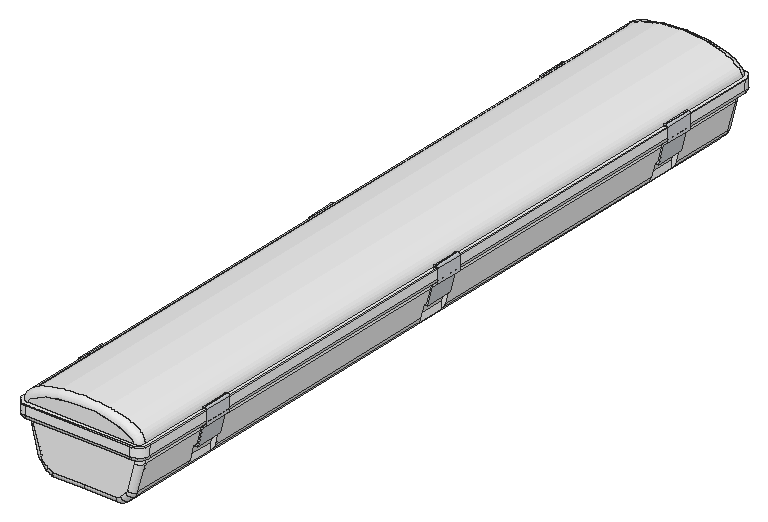
Revit family "0067944 Sylvania Lighting Fixture START Waterproof Twin 600 IP65 DALI 2500lm 840", category Lighting Fixtures, host Face, Revit 2016
Family settings
  Host = Face
  Part Type = Normal
  Round Connector Dimension = Use Diameter
  OmniClass Number = 23.80.70.11.14
  OmniClass Title = General Luminaries, Directional
  Cut with Voids When Loaded = No
  Light Source = Yes
  Shared = No
  Room Calculation Point = No
Parameters (values of type "0067944 ST WTRPRF T 600 IP65 DALI 2500LM 840")
  Width = 110 mm
  Weight = "1.18 kg"
  Wattage Comments = "n/a"
  Wattage = 20 W
  WarrantyStartDate [instance] = "n/a"
  WarrantyGuarantorParts = "n/a"
  WarrantyDurationUnit = "n/a"
  WarrantyDurationParts = "n/a"
  WarrantyDescription = "n/a"
  built-in parameter 1150110 = 1 (stored number, unit not read)
  Voltage = 0 V
  URL = "http://www.sylvania-lighting.com"
  TypeName = "START Waterproof Twin 600 IP65 DALI 2500lm 840"
  Type Image = <None>
  Type Comments = "n/a"
  built-in parameter 1114217 = 1 (stored number, unit not read)
  Tilt Angle = -90.00°
  built-in parameter 1150109 = 1 (stored number, unit not read)
  built-in parameter 1150134 = 12
  built-in parameter 1150113 = 1 (stored number, unit not read)
  SerialNumber [instance] = "n/a"
  ReflectorMaterial = none
  PowerFactor = 0
  PowerConsumption = "20 W"
  Photometric Web File = "0067944.ies"
  NominalWidth = 0 mm
  NominalLength = 665 mm
  NominalHeight = 78 mm
  Name = "START Waterproof Twin 600 IP65 DALI 2500lm 840"
  ModelReference = "START Waterproof Twin 600 IP65 DALI 2500lm 840"
  ModelNumber = "0067944"
  Model = "START Waterproof Twin 600 IP65 DALI 2500lm 840"
  Material = "polycarbonate housing, polycarbonate diffuser"
  ManufacturerName = "Feilo Sylvania"
  Manufacturer = "Feilo Sylvania"
  LuminousEfficacy = "122 lm/W"
  built-in parameter 1150105 = 194.17 (stored number, unit not read)
  Lumens = 2440 lm
  LuminaireType = ""
  built-in parameter 1150115 = 1 (stored number, unit not read)
  LightOutputRatio = "n/a"
  built-in parameter 1150137 = (empty or 0)
  built-in parameter 1150139 = (empty or 0)
  Length = 665 mm
  LampsType = Lamp  # "LED"
  LampNominalLuminous = "2450 lm"
  LampMacAdamStep = "n/a"
  LampColourTemperature = "4000 K"
  LampColourRenderingIndex = "80"
  built-in parameter 1150112 = 1 (stored number, unit not read)
  built-in parameter 1150114 = 1 (stored number, unit not read)
  Lamp = "LED"
  Keynote = "16500"
  InstallationDate [instance] = "n/a"
  InputVoltage = "n/a"
  InputNominalFrequency = "n/a"
  built-in parameter 1150132 = (empty or 0)
  built-in parameter 1150102 = (empty or 0)
  built-in parameter 1150107 = 4000 (stored number, unit not read)
  built-in parameter 1150138 = (empty or 0)
  IngressProtection = "IP65"
  ImpactProtectionIndex = "IK08"
  built-in parameter 1150106 = 1.9417 (stored number, unit not read)
  IfcExportType = "IfcLightFixtureType"
  IfcExportAs = "IfcLightFixtureType"
  ExpectedLife = 50000
  Emit from Rectangle Width = Width - 20 mm  # 90 mm
  Emit from Rectangle Length = Length - 20 mm  # 645 mm
  Emit Shape Visible in Rendering = no
  ElectricShockClassification = "Class I"
  built-in parameter 1150104 = 11.334 (stored number, unit not read)
  DurationUnit = "hours"
  DocumentationLiterature = "http://www.sylvania-lighting.com/product/en-int/products/0067944"
  DimmingControlOptions = "n/a"
  Dimming Lamp Color Temperature Shift = <None>
  DiffuserMaterial = Diffuser-Sylvania-Transparent
  Description = ""
  Default Elevation = 1219.2 mm
  CreatedOn = "11/27/2018"
  CreatedBy = "@sylvania-lighting.com"
  Cost = 0
  Color Filter = 16777215
  built-in parameter 1114216 [instance] = (empty or 0)
  ClassificationValue = "EF_70_80"
  ClassificationName = "Uniclass2015"
  BracketOffset_FEILO = 360 mm
  BodyMaterial = Body-Sylvania-Gray
  BarCode [instance] = "n/a"
  built-in parameter 1114218 = 1 (stored number, unit not read)
  built-in parameter 1150133 = 10 (stored number, unit not read)
  AssetType = "Fixed"
  AssetIdentifier [instance] = "n/a"
  Assembly Code = "D5020200"
  Apparent Load = 20 VA
  AccessoryMaterial = Diffuser-Sylvania-Glow
Reference planes
  plane 1 "Center (Front/Back)": y = 0
  plane 2: z = 0
  plane 3 "Center (Left/Right)": x = 0
  plane 4: z = 54
  plane 5: x = -27.7
  plane 6: x = -34.8
  plane 7: x = -39.6
  plane 8: x = -42.2
  plane 9: z = 3
  plane 10: z = 7.8
  plane 11: z = 12.3
  plane 12: z = 36.6
  plane 13: z = 42.8
  plane 14: x = -51.1
  plane 15: z = 46.2
  plane 16: x = -55
  plane 17: y = 332.5
  plane 18: y = -332.5
  plane 19: x = 27.7
  plane 20: x = 34.8
  plane 21: x = 39.6
  plane 22: x = 42.2
  plane 23: x = 51.1
  plane 24: x = 55
  plane 25: y = 324.9
  plane 26: y = -324.9
  plane 27: y = -321.2
  plane 28: y = 321.2
  plane 29: z = 74
  plane 30: x = -51.5
  plane 31: x = 51.5
  plane 32: z = 55.2
  plane 33: y = -329
  plane 34: y = 329
  plane 35: x = -37.5
  plane 36: x = 37.5
  plane 37: x = -48.7
  plane 38: x = 48.7
  plane 39: x = 18
  plane 40: x = -18
  plane 41: z = 50.2
  plane 42: z = 24.6
  plane 43: y = 720
  plane 44: y = 706
  plane 45: y = 734
  plane 46: y = 250
  plane 47: y = 236
  plane 48: y = 264
  plane 49: y = 0
  plane 50: y = -14
  plane 51: y = 14
  plane 52: y = -250
  plane 53: y = -264
  plane 54: y = -236
Forms (mm)
  Sweep 1, solid, material "Body-Sylvania-Gray" <- "BodyMaterial", detail levels medium+fine
    path origin (1223.4, -4572, 54) x (0, -1, 0) y (1, 0, 0)
      loop
        arc (-4249.5, -1278.4) -> (-4242.429, -1275.471) -> (-4239.5, -1268.4) r 10
        line (-4239.5, -1268.4) -> (-4239.5, -1178.4)
        arc (-4239.5, -1178.4) -> (-4242.429, -1171.329) -> (-4249.5, -1168.4) r 10
        line (-4249.5, -1168.4) -> (-4894.5, -1168.4)
        arc (-4894.5, -1168.4) -> (-4901.571, -1171.329) -> (-4904.5, -1178.4) r 10
        line (-4904.5, -1178.4) -> (-4904.5, -1268.4)
        arc (-4904.5, -1268.4) -> (-4901.571, -1275.471) -> (-4894.5, -1278.4) r 10
        line (-4894.5, -1278.4) -> (-4249.5, -1278.4)
    profile origin (-55, 0, 54) x (-1, 0, 0) y (0, 0, 1)
      loop
        line (0, 0) -> (-1, 0) -> (-1, -7.726)
        arc (-1, -7.726) -> (-1.994, -9.498) -> (-3.9, -10.2) r 2.937
        line (-3.9, -10.2) -> (-8.571, -10.2) -> (-8.571, -11.2) -> (-3.9, -11.2)
        arc (-3.9, -11.2) -> (-1.313, -10.231) -> (0, -7.8) r 3.937
        line (0, -7.8) -> (0, 0)
  Sweep 2, solid, material "Body-Sylvania-Gray" <- "BodyMaterial", detail levels medium+fine
    path origin (0, 0, 0) x (1, 0, 0) y (0, 0, 1)
      loop
        line (48.7, 42.8) -> (48.7, 36.6) -> (42.203, 12.31)
        arc (42.203, 12.31) -> (41.199, 9.884) -> (39.6, 7.8) r 10.052
        line (39.6, 7.8) -> (34.8, 3)
        arc (34.8, 3) -> (31.554, 0.781) -> (27.7, 0) r 9.902
        line (27.7, 0) -> (0, 0) -> (-27.7, 0)
        arc (-27.7, 0) -> (-31.554, 0.781) -> (-34.8, 3) r 9.902
        line (-34.8, 3) -> (-39.6, 7.8)
        arc (-39.6, 7.8) -> (-41.199, 9.884) -> (-42.203, 12.31) r 10.052
        line (-42.203, 12.31) -> (-48.7, 36.6) -> (-48.7, 42.8)
    profile origin (0, 0, 0) x (0, 0, -1) y (0, -1, 0)
      loop
        arc (0, 319.9) -> (-1.464, 323.436) -> (-5, 324.9) r 5
        line (-5, 324.9) -> (-7.8, 324.9) -> (-7.8, -324.9) -> (-5, -324.9)
        arc (-5, -324.9) -> (-1.464, -323.436) -> (0, -319.9) r 5
        line (0, -319.9) -> (0, 319.9)
  Extrusion 3, solid, material "Body-Sylvania-Gray" <- "BodyMaterial", detail levels medium+fine
    sketch origin (1524, 324.9, 1219.2) x (1, 0, 0) y (0, 0, 1)
      loop
        arc (-1558.668, -1204.874) -> (-1558.443, -1205.418) -> (-1558.085, -1205.885) r 2.252
        line (-1558.085, -1205.885) -> (-1553.231, -1210.738)
        arc (-1553.231, -1210.738) -> (-1552.534, -1211.227) -> (-1551.7, -1211.4) r 2.102
        line (-1551.7, -1211.4) -> (-1496.3, -1211.4)
        arc (-1496.3, -1211.4) -> (-1495.466, -1211.227) -> (-1494.769, -1210.738) r 2.102
        line (-1494.769, -1210.738) -> (-1489.915, -1205.885)
        arc (-1489.915, -1205.885) -> (-1489.557, -1205.418) -> (-1489.332, -1204.874) r 2.252
        line (-1489.332, -1204.874) -> (-1483.1, -1181.575) -> (-1483.1, -1176.4) -> (-1564.9, -1176.4) -> (-1564.9, -1181.575) -> (-1558.668, -1204.874)
    from 0 to 649.8
  Sweep 4, solid, material "Diffuser-Sylvania-Transparent" <- "DiffuserMaterial", detail levels medium+fine
    path origin (0, 0, 0) x (1, 0, 0) y (0, 0, 1)
      loop
        spline (-51.5, 55.2) -> (-49.745, 60.066) -> (-44.6, 64.6) -> (-36.416, 68.494) -> (-25.75, 71.481) -> (-13.329, 73.359) -> (0, 74) -> (13.329, 73.359) -> (25.75, 71.481) -> (36.416, 68.494) -> (44.6, 64.6) -> (49.745, 60.066) -> (51.5, 55.2)
    profile origin (51.5, 0, 55.2) x (0, -1, 0) y (1, 0, 0)
      loop
        arc (329, -5.5) -> (327.389, -1.611) -> (323.5, 0) r 5.5
        line (323.5, 0) -> (-323.5, 0)
        arc (-323.5, 0) -> (-327.389, -1.611) -> (-329, -5.5) r 5.5
        line (-329, -5.5) -> (-329, -6.3) -> (-328, -6.3) -> (-328, -5.5)
        arc (-328, -5.5) -> (-326.682, -2.318) -> (-323.5, -1) r 4.5
        line (-323.5, -1) -> (323.5, -1)
        arc (323.5, -1) -> (326.682, -2.318) -> (328, -5.5) r 4.5
        line (328, -5.5) -> (328, -6.347) -> (329, -6.347) -> (329, -5.5)
  Extrusion 5, solid, material "Diffuser-Sylvania-Transparent" <- "DiffuserMaterial", detail levels medium+fine
    sketch origin (1524, -329, 1219.2) x (1, 0, 0) y (0, 0, 1)
      loop
        line (-1569.653, -1164) -> (-1478.347, -1164)
        spline (-1478.347, -1164) -> (-1478.969, -1162.594) -> (-1482.527, -1159.545) -> (-1489.588, -1156.201) -> (-1499.458, -1153.445) -> (-1511.242, -1151.663) -> (-1524, -1151.049) -> (-1536.758, -1151.663) -> (-1548.542, -1153.445) -> (-1558.412, -1156.201) -> (-1565.473, -1159.545) -> (-1569.031, -1162.594) -> (-1569.653, -1164)
    from 0 to -1
  Extrusion 6, solid, material "Diffuser-Sylvania-Transparent" <- "DiffuserMaterial", detail levels medium+fine
    sketch origin (1524, 329, 1219.2) x (1, 0, 0) y (0, 0, 1)
      loop
        spline (-1478.3, -1164) -> (-1478.931, -1162.565) -> (-1482.502, -1159.505) -> (-1489.572, -1156.155) -> (-1499.446, -1153.394) -> (-1511.236, -1151.614) -> (-1524, -1151.007) -> (-1536.764, -1151.614) -> (-1548.554, -1153.394) -> (-1558.428, -1156.155) -> (-1565.498, -1159.505) -> (-1569.069, -1162.565) -> (-1569.7, -1164)
        line (-1569.7, -1164) -> (-1478.3, -1164)
    from 0 to 1
  Extrusion 7, solid, material "Diffuser-Sylvania-Transparent" <- "DiffuserMaterial", detail levels medium+fine
    sketch origin (1223.4, -4572, 55.2) x (0, -1, 0) y (-1, 0, 0)
      loop
        arc (-4900, 1177.4) -> (-4898.682, 1174.218) -> (-4895.5, 1172.9) r 4.5
        line (-4895.5, 1172.9) -> (-4248.5, 1172.9)
        arc (-4248.5, 1172.9) -> (-4245.318, 1174.218) -> (-4244, 1177.4) r 4.5
        line (-4244, 1177.4) -> (-4244, 1269.4)
        arc (-4244, 1269.4) -> (-4245.318, 1272.582) -> (-4248.5, 1273.9) r 4.5
        line (-4248.5, 1273.9) -> (-4895.5, 1273.9)
        arc (-4895.5, 1273.9) -> (-4898.682, 1272.582) -> (-4900, 1269.4) r 4.5
        line (-4900, 1269.4) -> (-4900, 1177.4)
      loop
        line (-4904.5, 1268.4) -> (-4904.5, 1178.4)
        arc (-4904.5, 1178.4) -> (-4901.571, 1171.329) -> (-4894.5, 1168.4) r 10
        line (-4894.5, 1168.4) -> (-4249.5, 1168.4)
        arc (-4249.5, 1168.4) -> (-4242.429, 1171.329) -> (-4239.5, 1178.4) r 10
        line (-4239.5, 1178.4) -> (-4239.5, 1268.4)
        arc (-4239.5, 1268.4) -> (-4242.429, 1275.471) -> (-4249.5, 1278.4) r 10
        line (-4249.5, 1278.4) -> (-4894.5, 1278.4)
        arc (-4894.5, 1278.4) -> (-4901.571, 1275.471) -> (-4904.5, 1268.4) r 10
    from 0 to 1.2
  Extrusion 8, solid, material "Diffuser-Sylvania-Glow" <- "AccessoryMaterial", detail levels fine
    sketch origin (0, 0, 0) x (1, 0, 0) y (0, 0, 1)
      loop
        circle (-18, 50.2) r 8
      loop
        circle (18, 50.2) r 8
    from -321.2 to 321.2
  Extrusion 9, solid, material "Body-Sylvania-Gray" <- "BodyMaterial", detail levels coarse
    sketch origin (0, 0, 0) x (1, 0, 0) y (0, 0, 1)
      loop
        line (55, 42.8) -> (55, 55.2) -> (-55, 55.2) -> (-55, 42.791) -> (-42.2, 0) -> (42.2, 0) -> (55, 42.8)
    from -332.5 to 332.5
  Extrusion 10, solid, material "Diffuser-Sylvania-Transparent" <- "DiffuserMaterial", detail levels coarse
    sketch origin (0, 0, 0) x (1, 0, 0) y (0, 0, 1)
      loop
        arc (51.5, 55.2) -> (0, 74) -> (-51.5, 55.2) r 79.939
        line (-51.5, 55.2) -> (51.5, 55.2)
    from 324.9 to -324.9
  Extrusion 11, void, not visible
    sketch origin (0, 720, 2343.807) x (0, 0, -1) y (-1, 0, 0)
      loop
        line (2340.807, -37.5) -> (2331.507, -37.5) -> (2319.207, -42.2) -> (2319.207, -48.7) -> (2340.807, -48.7) -> (2340.807, -37.5)
      loop
        line (2340.807, 37.5) -> (2340.807, 48.7) -> (2319.207, 48.7) -> (2319.207, 42.2) -> (2331.507, 37.5) -> (2340.807, 37.5)
    from -14 to 14
  Extrusion 12, void
    sketch origin (0, 250, 2343.807) x (0, 0, -1) y (-1, 0, 0)
      loop
        line (2340.807, -37.5) -> (2331.507, -37.5) -> (2319.207, -42.2) -> (2319.207, -48.7) -> (2340.807, -48.7) -> (2340.807, -37.5)
      loop
        line (2340.807, 37.5) -> (2340.807, 48.7) -> (2319.207, 48.7) -> (2319.207, 42.2) -> (2331.507, 37.5) -> (2340.807, 37.5)
    from -14 to 14
  Extrusion 13, void
    sketch origin (0, 0, 2343.807) x (0, 0, -1) y (-1, 0, 0)
      loop
        line (2340.807, -37.5) -> (2331.507, -37.5) -> (2319.207, -42.2) -> (2319.207, -48.7) -> (2340.807, -48.7) -> (2340.807, -37.5)
      loop
        line (2340.807, 37.5) -> (2340.807, 48.7) -> (2319.207, 48.7) -> (2319.207, 42.2) -> (2331.507, 37.5) -> (2340.807, 37.5)
    from -14 to 14
  Extrusion 14, void
    sketch origin (0, -250, 2343.807) x (0, 0, -1) y (-1, 0, 0)
      loop
        line (2340.807, -37.5) -> (2331.507, -37.5) -> (2319.207, -42.2) -> (2319.207, -48.7) -> (2340.807, -48.7) -> (2340.807, -37.5)
      loop
        line (2340.807, 37.5) -> (2340.807, 48.7) -> (2319.207, 48.7) -> (2319.207, 42.2) -> (2331.507, 37.5) -> (2340.807, 37.5)
    from -14 to 14
Cuts and joins
  Extrusion 12, Extrusion 13, Extrusion 14 cuts Sweep 2
  Extrusion 12, Extrusion 13, Extrusion 14 cuts Extrusion 3
  joined: Sweep 2, Extrusion 3
  joined: Sweep 4, Extrusion 5, Extrusion 6
Dimensions and locks
  locked: plane 4 to plane 2 at 54
  plane 5 to plane 6 to plane 7 to plane 8 to plane 14 to plane 16 = 7.1 mm locked, 4.8 mm locked, 2.6 mm locked, 8.9 mm, 3.9 mm
  plane 4 to plane 15 to plane 13 to plane 12 to plane 11 to plane 10 to plane 9 = 7.8 mm locked, 3.4 mm, 6.2 mm locked, 24.3 mm locked, 4.5 mm locked, 4.8 mm locked
  equal spacing: plane 18, plane 1 "Center (Front/Back)", plane 17
  "Length": plane 18 to plane 17
  plane 19 to plane 20 to plane 21 to plane 22 to plane 23 to plane 24 = 7.1 mm locked, 4.8 mm locked, 2.6 mm locked, 8.9 mm, 3.9 mm
  equal spacing: plane 24, plane 3 "Center (Left/Right)", plane 16
  "Width": plane 24 to plane 16
  equal spacing: plane 27, plane 1 "Center (Front/Back)", plane 28
  locked: plane 26 to plane 27 at 3.7
  locked: Sweep 1 sketch curve to profile plane at 1
  locked: Sweep 1 sketch curve to plane 13 at 1
  locked: Sweep 1 sketch curve to plane 13 at 3.937  (x2)
  locked: Sweep 1 sketch curve to profile plane at 3.9  (x2)
  locked: plane 29 to plane 4 at 20
  equal spacing: plane 31, plane 3 "Center (Left/Right)", plane 30
  locked: plane 30 to plane 16 at 3.5
  locked: plane 32 to plane 4 at 1.2
  equal spacing: plane 33, plane 1 "Center (Front/Back)", plane 34
  equal spacing: plane 36, plane 3 "Center (Left/Right)", plane 35
  locked: plane 3 "Center (Left/Right)" to plane 35 at 37.5
  locked: plane 34 to plane 17 at 3.5
  equal spacing: plane 38, plane 3 "Center (Left/Right)", plane 37
  locked: plane 37 to plane 16 at 6.3
  equal spacing: plane 25, plane 1 "Center (Front/Back)", plane 26
  locked: plane 17 to plane 25 at 7.6
  locked: Sweep 2 sketch curve to plane 2 at 5  (x2)
  locked: Sweep 2 sketch curve to plane 26 at 5
  locked: plane 25 to Sweep 2 sketch curve at 5
  locked: Sweep 4 sketch curve to plane 31 at 5.5  (x2)
  locked: Sweep 4 sketch curve to plane 34 at 5.5
  plane 33 to Sweep 4 sketch curve = 5.5 mm
  locked: plane 34 to Sweep 4 sketch curve at 1
  locked: Sweep 4 sketch curve to plane 31 at 1
  locked: Sweep 4 sketch curve to Sweep 4 sketch curve at 1
  locked: Sweep 4 sketch curve to plane 31 at 6.347
  locked: Sweep 4 sketch curve to plane 31 at 6.3
  equal spacing: plane 39, plane 3 "Center (Left/Right)", plane 40
  locked: plane 3 "Center (Left/Right)" to plane 40 at 18
  locked: plane 42 to plane 2 at 24.6
  plane 45 to plane 43 to plane 44 = 14 mm locked, 14 mm locked
  plane 48 to plane 46 to plane 47 = 14 mm locked, 14 mm locked
  plane 51 to plane 49 to plane 50 = 14 mm locked, 14 mm locked
  plane 54 to plane 52 to plane 53 = 14 mm locked, 14 mm locked
  equal spacing: plane 46, plane 1 "Center (Front/Back)", plane 52
  locked: plane 46 to plane 1 "Center (Front/Back)" at 250
  aligned and locked: plane 2 to host face
  aligned and locked: level to host face
  aligned and locked: plane 16 to Sweep 1 sketch curve
  aligned and locked: Sweep 1 sketch curve to plane 24
  aligned and locked: plane 18 to Sweep 1 sketch curve
  aligned and locked: Sweep 1 sketch curve to plane 13
  aligned and locked: profile plane to Sweep 1 sketch curve
  aligned and locked: plane 3 "Center (Left/Right)" to Sweep 2 sketch curve
  aligned and locked: plane 9 to Sweep 2 sketch curve
  aligned and locked: plane 10 to Sweep 2 sketch curve
  aligned and locked: plane 37 to Sweep 2 sketch curve
  aligned and locked: plane 12 to Sweep 2 sketch curve
  aligned and locked: Sweep 2 sketch curve to level
  aligned and locked: plane 21 to Sweep 2 sketch curve
  aligned and locked: plane 38 to Sweep 2 sketch curve
  aligned and locked: profile plane to Sweep 2 sketch curve
  aligned and locked: plane 25 to Sweep 2 sketch curve
  aligned and locked: Sweep 2 sketch curve to plane 10
  aligned and locked: Extrusion 3 sketch curve to Sweep 2  (x7)
  aligned and locked: Sweep 2 to Extrusion 3 sketch curve
  aligned and locked: Extrusion 3 to plane 25
  aligned and locked: plane 26 to Extrusion 3
  aligned and locked: plane 32 to Sweep 4 sketch curve
  aligned and locked: plane 33 to Sweep 4 sketch curve
  aligned and locked: Sweep 4 to Extrusion 5
  aligned and locked: plane 33 to Extrusion 5
  aligned and locked: Extrusion 5 sketch curve to Sweep 4
  aligned and locked: cut or joined group of Sweep 4, Extrusion 5, Extrusion 6 to Extrusion 6 sketch curve
  aligned and locked: Extrusion 7 sketch curve to cut or joined group of Sweep 4, Extrusion 5, Extrusion 6  (x2)
  aligned and locked: cut or joined group of Sweep 4, Extrusion 5, Extrusion 6 to Extrusion 7 sketch curve  (x2)
  aligned and locked: plane 41 to Extrusion 8 sketch curve  (x2)
  aligned and locked: plane 39 to Extrusion 8 sketch curve
  aligned and locked: plane 27 to Extrusion 8
  aligned and locked: Extrusion 8 to plane 28
  aligned and locked: Extrusion 7 sketch curve to Sweep 1  (x4)
  aligned and locked: plane 4 to Extrusion 7
  aligned and locked: Extrusion 7 to plane 32
  aligned and locked: Extrusion 9 sketch curve to plane 24
  aligned and locked: Extrusion 9 sketch curve to Extrusion 7
  aligned and locked: plane 8 to Extrusion 9 sketch curve
  aligned and locked: plane 22 to Extrusion 9 sketch curve
  aligned and locked: level to Extrusion 9 sketch curve
  aligned and locked: Extrusion 9 to plane 17
  aligned and locked: plane 18 to Extrusion 9
  aligned and locked: cut or joined group of Sweep 4, Extrusion 5, Extrusion 6 to Extrusion 10 sketch curve
  aligned and locked: Extrusion 10 sketch curve to cut or joined group of Sweep 4, Extrusion 5, Extrusion 6  (x2)
  aligned and locked: plane 31 to Extrusion 10 sketch curve
  aligned and locked: plane 30 to Extrusion 10 sketch curve
  aligned and locked: plane 26 to Extrusion 10
  aligned and locked: Extrusion 10 to plane 25
  aligned and locked: imposter light to plane 29
  aligned and locked: plane 3 "Center (Left/Right)" to imposter light
  aligned and locked: plane 1 "Center (Front/Back)" to imposter light
  aligned and locked: plane 47 to Extrusion 12
  aligned and locked: Extrusion 12 to plane 48
  aligned and locked: plane 50 to Extrusion 13
  aligned and locked: Extrusion 13 to plane 51
  aligned and locked: plane 53 to Extrusion 14
  aligned and locked: Extrusion 14 to plane 54
  aligned and locked: nested 1 to plane 46
  aligned and locked: plane 46 to nested 6
  aligned and locked: nested 2 to plane 49
  aligned and locked: plane 49 to nested 5
  aligned and locked: nested 3 to plane 52
  aligned and locked: plane 52 to nested 4
  aligned and locked: plane 49 to plane 1 "Center (Front/Back)"
Automatic sketch dimensions
  host sketch curve to host sketch curve = 2438.4 mm  (x2)
  plane 17 to Sweep 1 sketch curve = 0 mm
  Sweep 1 sketch curve to plane 28 = 1.3 mm
  Sweep 1 sketch curve to plane 7 = 5.4 mm
  plane 27 to Sweep 1 sketch curve = 1.3 mm  (x2)
  Sweep 1 sketch curve to Sweep 1 sketch curve = 4.671 mm
  Sweep 1 sketch curve to plane 4 = 0 mm
  Sweep 2 sketch curve to plane 7 = 0 mm
  Sweep 2 sketch curve to plane 6 = 0 mm
  Sweep 2 sketch curve to plane 5 = 0 mm
  plane 19 to Sweep 2 sketch curve = 0 mm
  Sweep 2 sketch curve to plane 9 = 0 mm
  plane 20 to Sweep 2 sketch curve = 0 mm
  Sweep 2 sketch curve to plane 12 = 0 mm
  Sweep 2 sketch curve to plane 10 = 0 mm
  Sweep 2 sketch curve to plane 13 = 0 mm  (x2)
  Sweep 2 sketch curve to plane 8 = 0.003 mm
  plane 6 to Sweep 2 sketch curve = 2.308 mm
  plane 20 to Sweep 2 sketch curve = 2.308 mm
  Sweep 2 sketch curve to plane 22 = 0.003 mm
  Sweep 2 sketch curve to plane 11 = 0.01 mm  (x2)
  Extrusion 3 sketch curve to plane 5 = 0 mm
  plane 19 to Extrusion 3 sketch curve = 0 mm
  plane 6 to Extrusion 3 sketch curve = 0.132 mm
  plane 6 to Extrusion 3 sketch curve = 0.715 mm
  Extrusion 3 sketch curve to Extrusion 3 sketch curve = 1.592 mm
  Extrusion 3 sketch curve to plane 10 = 0.662 mm  (x2)
  plane 20 to Extrusion 3 sketch curve = 2.308 mm
  plane 20 to Extrusion 3 sketch curve = 0.715 mm
  plane 20 to Extrusion 3 sketch curve = 0.132 mm
  Sweep 4 sketch curve to plane 30 = 0 mm
  Sweep 4 sketch curve to plane 3 "Center (Left/Right)" = 0 mm
  Sweep 4 sketch curve to Sweep 4 sketch curve = 0 mm  (x2)
  plane 37 to Extrusion 5 sketch curve = 3.047 mm
  Extrusion 5 sketch curve to plane 38 = 3.047 mm
  plane 37 to Extrusion 6 sketch curve = 3 mm
  Extrusion 6 sketch curve to plane 38 = 3 mm
  plane 25 to Extrusion 7 sketch curve = 1.4 mm  (x2)
  Extrusion 7 sketch curve to plane 26 = 1.4 mm  (x2)
  Extrusion 8 sketch curve to plane 40 = 0 mm
  Extrusion 9 sketch curve to plane 13 = 0 mm
  plane 13 to Extrusion 9 sketch curve = 0.009 mm
  Extrusion 10 sketch curve to level = 5.939 mm
  Extrusion 9 sketch curve to plane 16 = 0 mm
  Extrusion 11 sketch curve to Extrusion 11 sketch curve = 0 mm
  Extrusion 11 sketch curve to Extrusion 11 sketch curve = 12.3 mm  (x2)
  Extrusion 11 sketch curve to Extrusion 11 sketch curve = 9.3 mm  (x2)
  Extrusion 11 sketch curve to Extrusion 11 sketch curve = 6.5 mm
  Extrusion 11 sketch curve to Extrusion 11 sketch curve = 4.7 mm  (x2)
  Extrusion 11 sketch curve to Extrusion 11 sketch curve = 75 mm
  Extrusion 11 sketch curve to Extrusion 11 sketch curve = 11.2 mm
  Extrusion 12 sketch curve to Extrusion 12 sketch curve = 0 mm
  Extrusion 12 sketch curve to Extrusion 12 sketch curve = 12.3 mm  (x2)
  Extrusion 12 sketch curve to Extrusion 12 sketch curve = 9.3 mm  (x2)
  Extrusion 12 sketch curve to Extrusion 12 sketch curve = 6.5 mm
  Extrusion 12 sketch curve to Extrusion 12 sketch curve = 4.7 mm  (x2)
  Extrusion 12 sketch curve to Extrusion 12 sketch curve = 75 mm
  Extrusion 12 sketch curve to Extrusion 12 sketch curve = 11.2 mm
  Extrusion 13 sketch curve to Extrusion 13 sketch curve = 0 mm
  Extrusion 13 sketch curve to Extrusion 13 sketch curve = 12.3 mm  (x2)
  Extrusion 13 sketch curve to Extrusion 13 sketch curve = 9.3 mm  (x2)
  Extrusion 13 sketch curve to Extrusion 13 sketch curve = 6.5 mm
  Extrusion 13 sketch curve to Extrusion 13 sketch curve = 4.7 mm  (x2)
  Extrusion 13 sketch curve to Extrusion 13 sketch curve = 75 mm
  Extrusion 13 sketch curve to Extrusion 13 sketch curve = 11.2 mm
  Extrusion 14 sketch curve to Extrusion 14 sketch curve = 0 mm
  Extrusion 14 sketch curve to Extrusion 14 sketch curve = 12.3 mm  (x2)
  Extrusion 14 sketch curve to Extrusion 14 sketch curve = 9.3 mm  (x2)
  Extrusion 14 sketch curve to Extrusion 14 sketch curve = 6.5 mm
  Extrusion 14 sketch curve to Extrusion 14 sketch curve = 4.7 mm  (x2)
  Extrusion 14 sketch curve to Extrusion 14 sketch curve = 75 mm
  Extrusion 14 sketch curve to Extrusion 14 sketch curve = 11.2 mm
  radius of Extrusion 8 sketch curve = 8 mm  (x2)
Nested families
  nested 1: "Clip" at (-42.2, 250, 24.6) x (-1, 0, 0) z (0, 0, 1), type "Clip", detail levels fine
  nested 2: "Clip" at (-42.2, 0, 24.6) x (-1, 0, 0) z (0, 0, 1), type "Clip", detail levels fine
  nested 3: "Clip" at (-42.2, -250, 24.6) x (-1, 0, 0) z (0, 0, 1), type "Clip", detail levels fine
  nested 4: "Clip" at (42.2, -250, 24.6), type "Clip", detail levels fine
  nested 5: "Clip" at (42.2, 0, 24.6), type "Clip", detail levels fine
  nested 6: "Clip" at (42.2, 250, 24.6), type "Clip", detail levels fine
Connectors
  electrical at (0, 0, 0), driven by "Apparent Load"
    settings: index 1, voltage 230 V, apparent load 20 VA, apparent load phase1 0 VA, apparent load phase2 0 VA, apparent load phase3 0 VA, power factor 0, load classification "Lighting", number of poles 1, system type 30, power factor state 1, is connector primary yes, connector utility no, sub classification motor no, connector description ""
Definition of nested family "Clip"
  Parameters (values of type "Clip")
    URL = "http://www.feilosylvania.com"
    Type Comments = "n/a"
    Model = "n/a"
    Manufacturer = "Feilo Sylvania"
    Keynote = "n/a"
    Description = "n/a"
    Default Elevation = 1219.2 mm
    Cost = 0
    BodyMaterial = none
    Assembly Code = "n/a"
  Reference planes
    plane 1 "Center (Front/Back)": y = 0
    plane 2: z = 0
    plane 3 "Center (Left/Right)": x = 0
    plane 4: x = 3.3
    plane 5: x = 6.5
    plane 6: x = 8.9
    plane 7: x = 12.8
    plane 8: z = 12
    plane 9: z = 18.2
    plane 10: z = 21.6
    plane 11: z = 30.6
    plane 12: x = 9.3
    plane 13: z = 19.2
    plane 14: z = 16.2
    plane 15: x = 10.1
    plane 16: y = 12
    plane 17: y = -12
  Forms (mm)
    Extrusion 1, solid
      sketch origin (-0.8, 0, 0) x (1, 0, 0) y (0, 1, 0)
        loop
          line (-1219.2, 1219.2) -> (-1219.2, -1219.2) -> (1219.2, -1219.2) -> (1219.2, 1219.2) -> (-1219.2, 1219.2)
      from 0 to -304.8
    Extrusion 2, solid
      sketch origin (0, 0, 0) x (1, 0, 0) y (0, 0, 1)
        loop
          line (8.9, 16.2) -> (4.58, 0) -> (0, 0) -> (0, -0.8) -> (5.195, -0.8) -> (9.603, 15.731) -> (13.6, 18.806) -> (13.6, 30.6)
          arc (13.6, 30.6) -> (11.45, 32.75) -> (9.3, 30.6) r 2.15
          line (9.3, 30.6) -> (10.1, 30.6)
          arc (10.1, 30.6) -> (11.45, 31.95) -> (12.8, 30.6) r 1.35
          line (12.8, 30.6) -> (12.8, 19.2) -> (8.9, 16.2)
      from -12 to 12
  Lines and regions (mm)
    reference lines
      curve 1: line (3.3, 0, 0) -> (6.5, 0, 12)
      curve 2: arc (8.9, 0, 18.2) -> (11.488, 0, 19.169) -> (12.8, 0, 21.6) r 3.934
  Dimensions and locks
    plane 7 to plane 6 to plane 5 to plane 4 to plane 3 "Center (Left/Right)" = 3.9 mm locked, 2.4 mm locked, 3.2 mm locked, 3.3 mm locked
    plane 11 to plane 10 to plane 9 to plane 8 to plane 2 = 9 mm locked, 3.4 mm locked, 6.2 mm locked, 12 mm locked
    locked: plane 7 to plane 12 at 3.5
    locked: plane 13 to plane 9 at 1
    locked: plane 9 to plane 14 at 2
    locked: plane 15 to plane 12 at 0.8
    locked: plane 2 to Extrusion 2 sketch curve at 0.8
    locked: Extrusion 2 sketch curve to Extrusion 2 sketch curve at 0.8  (x3)
    locked: plane 7 to Extrusion 2 sketch curve at 1.35
    equal spacing: plane 17, plane 1 "Center (Front/Back)", plane 16
    locked: plane 1 "Center (Front/Back)" to plane 16 at 12
    aligned and locked: plane 2 to Extrusion 1
    aligned and locked: level to Extrusion 1
    aligned and locked: plane 4 to curve 1
    aligned and locked: plane 5 to curve 1
    aligned and locked: plane 6 to curve 2
    aligned and locked: plane 10 to curve 2
    aligned and locked: plane 14 to Extrusion 2 sketch curve
    aligned and locked: plane 13 to Extrusion 2 sketch curve
    aligned and locked: plane 7 to Extrusion 2 sketch curve
    aligned and locked: plane 3 "Center (Left/Right)" to Extrusion 2 sketch curve
    aligned and locked: Extrusion 2 sketch curve to level
    aligned and locked: Extrusion 2 sketch curve to plane 11
    aligned and locked: plane 11 to Extrusion 2 sketch curve
    aligned and locked: Extrusion 2 to plane 16
    aligned and locked: plane 17 to Extrusion 2
  Automatic sketch dimensions
    Extrusion 1 sketch curve to Extrusion 1 sketch curve = 2438.4 mm  (x2)
    curve 2 to plane 7 = 0 mm
    curve 1 to level = 0 mm
    curve 1 to plane 8 = 0 mm
    curve 2 to plane 9 = 0 mm
    plane 6 to curve 2 = 0.002 mm
    Extrusion 2 sketch curve to Extrusion 2 sketch curve = 0 mm
    Extrusion 2 sketch curve to plane 6 = 0 mm
    plane 4 to Extrusion 2 sketch curve = 1.28 mm
